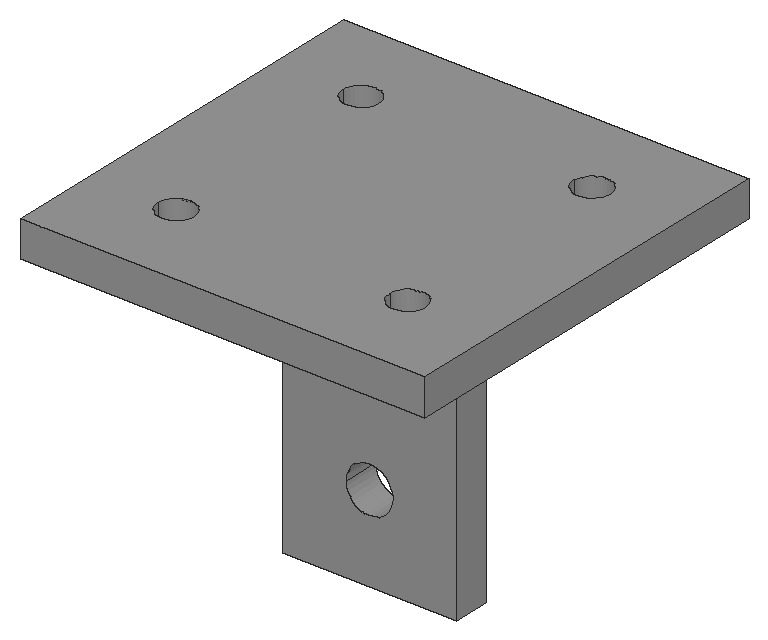
Revit family "BCA-BCU", category Site, Revit 2025
Family settings
  Round Connector Dimension = Use Diameter
  Part Type = Normal
  Work Plane-Based = No
  Always vertical = Yes
  Cut with Voids When Loaded = No
  Shared = No
Reference planes (in)
  plane 1 "Center (Front/Back)": y = 0
  plane 2: z = 0
  plane 3 "Center (Left/Right)": x = 0
Forms (in)
  Extrusion 1, solid, material "Galvanized"
    sketch origin (0, 0, 0) x (1, 0, 0) y (0, 1, 0)
      loop
        line (1.75, -1.75) -> (1.75, 1.75) -> (-1.75, 1.75) -> (-1.75, -1.75) -> (1.75, -1.75)
      loop
        circle (-1, 1) r 0.15625
      loop
        circle (1, 1) r 0.15625
      loop
        circle (-1, -1) r 0.15625
      loop
        circle (1, -1) r 0.15625
    from 0 to 0.3125
  Extrusion 2, solid, material "Galvanized"
    sketch origin (0, 0, 0) x (1, 0, 0) y (0, 0, 1)
      loop
        line (0, -2.625) -> (0.75, -2.625) -> (0.75, 0) -> (0, 0) -> (-0.75, 0) -> (-0.75, -2.625) -> (0, -2.625)
      loop
        circle (0, -1.875) r 0.203125
    from -0.15625 to 0.15625
  Sweep 3, solid, material "Galvanized"
    path in 3D
      loop
        line (-0.75, -0.15625, 0) -> (-0.75, 0.15625, 0) -> (0, 0.15625, 0) -> (0.75, 0.15625, 0) -> (0.75, -0.15625, 0) -> (0, -0.15625, 0) -> (-0.75, -0.15625, 0)
    profile origin (-0.375, -0.15625, 0) x (0, -1, 0) y (0, 0, 1)
      loop
        arc (0, -0.125) -> (0.0366117, -0.0366117) -> (0.125, 0) r 0.125
        line (0.125, 0) -> (0, 0) -> (0, -0.125)
Lines and regions (in)
  sketch lines
    curve 1: line (0, -0.15625, 0) -> (-0.75, -0.15625, 0)
    curve 2: line (0.75, -0.15625, 0) -> (0, -0.15625, 0)
    curve 3: line (0.75, -0.15625, 0) -> (0.75, 0.15625, 0)
    curve 4: line (0, 0.15625, 0) -> (0.75, 0.15625, 0)
    curve 5: line (-0.75, 0.15625, 0) -> (0, 0.15625, 0)
    curve 6: line (-0.75, -0.15625, 0) -> (-0.75, 0.15625, 0)
